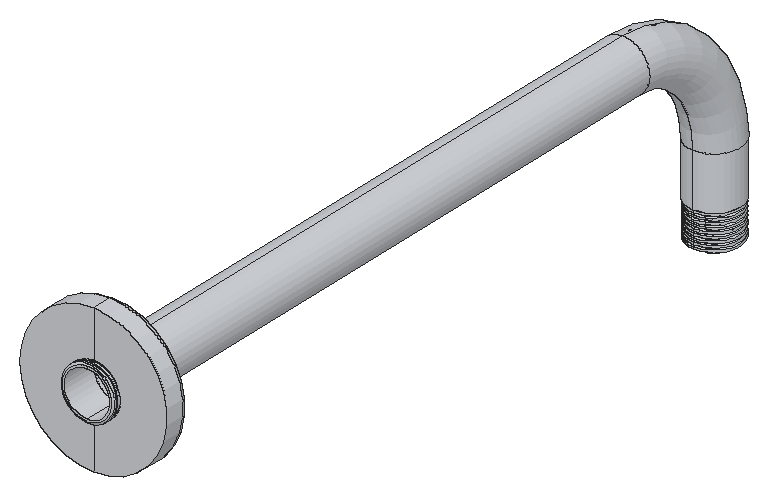
Revit family "S-2571wa", category Plumbing Equipment, host Wall, Revit 2023
Family settings
  Host = Wall
  Round Connector Dimension = Use Diameter
  Classification = None
  Part Type = Normal
  Always vertical = Yes
  Cut with Voids When Loaded = No
  Maintain Annotation Orientation = No
  Shared = No
  Room Calculation Point = No
Parameters
  Material = Stainless Steel, Polished
  Default Elevation = 0' - 0"
Reference planes (in)
  plane 1: y = 0
  plane 2 "Center (Left/Right)": x = 0
  plane 3 "Wall Edge": y = 3
Lines and regions (in)
  symbolic lines, not visible
    curve 1: line (0, 14.78426, -3.125) -> (0, 14.01536, -4.22311)
    curve 2: line (0, 14.78426, -3.125) -> (0, 14.54278, -3.1897)
    curve 3: line (0, 14.78426, -3.125) -> (0, 14.80605, -3.37405)
    curve 4: line (0, 14.01536, -4.22311) -> (0, 13.76536, -4.22311)
    curve 5: line (0, 14.96558, -3.125) -> (0, 15.73448, -4.22311)
    curve 6: line (0, 14.96558, -3.125) -> (0, 15.20706, -3.1897)
    curve 7: line (0, 14.96558, -3.125) -> (0, 14.94379, -3.37405)
    curve 8: line (0, 15.73448, -4.22311) -> (0, 15.98448, -4.22311)
Text (in)
  text "Placement Side" at (-70.3804, 28.46503, 0), in view "Ref. Level"
  text "⌀" at (0, 10.53891, -1.62068), in view "Right"
  text "⌀" at (0, 2.0886, 0.34649), in view "Right"
  text "⌀" at (0, 7.05341, -1.68752), in view "Left"
  text "⌀" at (0, 0.5989, 0.33694), in view "Left"
  text "2X 1/2-14 NPTF" at (0, 11.85471, -4.2071), in view "Right"
  text "2X 1/2-14 NPTF" at (0, 17.92096, -4.2071), in view "Left"
Dimensions and locks (in)
  locked: plane 3 "Wall Edge" to host wall
  nested 1 to nested 1 = 0' - 2 1/4"  (x2)
  nested 1 to plane 3 "Wall Edge" = 0' - 0 3/8"  (x2)
  nested 1 to nested 1 = 0' - 3 1/8"  (x2)
  nested 1 to nested 1 = 0' - 0 13/16"  (x2)
  nested 1 to nested 1 = 0' - 11.99992"  (x2)
Nested families (in)
  nested 1: "S-2571" at (0, 3, 0) x (-1, 0, 0) z (0, 1, 0), type "S-2571"
Definition of nested family "S-2571"
  Parameters (values of type "S-2571")
    Mounting Plate width = 0' - 2 1/2"
    Material = none
    Default Elevation = 4' - 0"
  Reference planes (in)
    plane 1 "Center (Front/Back)": y = 0
    plane 2: z = 0
    plane 3 "Center (Left/Right)": x = 0
    plane 4: x = 1.25
    plane 5: x = -1.25
    plane 6: z = 11.87492
  Forms (in)
    Extrusion 1, solid
      sketch origin (0, 0, 0) x (1, 0, 0) y (0, 1, 0)
        loop
          line (-48, 48) -> (-48, -48) -> (48, -48) -> (48, 48) -> (-48, 48)
      from 0 to -12
    Sweep 2, solid, material <- "Material"
      path origin (0, 0, 11.65616) x (0, 1, 0) y (0, 0, 1)
        loop
          line (0, -11.21866) -> (0, -1.53116)
          arc (0, -1.53116) -> (-0.51256, -0.29372) -> (-1.75, 0.21884) r 1.75
          line (-1.75, 0.21884) -> (-3.125, 0.21884)
      profile origin (0, 0, 5.28125) x (0, -1, 0) y (1, 0, 0)
        loop
          circle (0.00008, -0.00007) r 0.40625
    Sweep 3, void
      path origin (0, 0, 11.65616) x (0, 1, 0) y (0, 0, 1)
        loop
          line (0, -11.78116) -> (0, -11.21866) -> (0, -1.53116)
          arc (0, -1.53116) -> (-0.51256, -0.29372) -> (-1.75, 0.21884) r 1.75
          line (-1.75, 0.21884) -> (-3.125, 0.21884)
      profile origin (0, 0, 5.28125) x (0, -1, 0) y (1, 0, 0)
        loop
          circle (0.00008, -0.00007) r 0.34767
    Revolve 4, solid, material <- "Material"
      sketch origin (0, 0, -0.02244) x (0, 1, 0) y (0, 0, 1)
        loop
          line (-0.4063, 0.02244) -> (-0.4063, 0.39744) -> (-1.05511, 0.39744)
          arc (-1.05511, 0.39744) -> (-1.10453, 0.37697) -> (-1.125, 0.32756) r 0.06989
          line (-1.125, 0.32756) -> (-1.125, 0.02244) -> (-0.4063, 0.02244)
        axis (0, 0.02244) -> (0, 0.39744)
      angle from 0 to 360
    Revolve 5, solid, material <- "Material"
      sketch origin (0, 0, 10.45985) x (0, 1, 0) y (0, 0, 1)
        loop
          line (-0.37927, -10.58485) -> (-0.34845, -10.58485) -> (-0.34845, -10.02235) -> (-0.37927, -10.02235) -> (-0.40633, -10.03798) -> (-0.40633, -10.06923) -> (-0.37927, -10.08485) -> (-0.40633, -10.10048) -> (-0.40633, -10.13173) -> (-0.37927, -10.14735) -> (-0.40633, -10.16298) -> (-0.40633, -10.19423) -> (-0.37927, -10.20985) -> (-0.40633, -10.22548) -> (-0.40633, -10.25673) -> (-0.37927, -10.27235) -> (-0.40633, -10.28798) -> (-0.40633, -10.31923) -> (-0.37927, -10.33485) -> (-0.40633, -10.35048) -> (-0.40633, -10.38173) -> (-0.37927, -10.39735) -> (-0.40633, -10.41298) -> (-0.40633, -10.44423) -> (-0.37927, -10.45985) -> (-0.40633, -10.47548) -> (-0.40633, -10.50673) -> (-0.37927, -10.52235) -> (-0.40633, -10.53798) -> (-0.40633, -10.56923) -> (-0.37927, -10.58485)
        axis (-0.00008, -10.02235) -> (-0.00008, -10.58485)
      angle from 0 to 360
    Sweep 6, void
      path in 3D
        loop
          arc (-0.00007, -3.125, 11.46867) -> (-0.40632, -3.125, 11.87492) -> (-0.00007, -3.125, 12.28117) r 0.40625
          arc (-0.00007, -3.125, 12.28117) -> (0.40618, -3.125, 11.87492) -> (-0.00007, -3.125, 11.46867) r 0.40625
      profile origin (0.40618, -3.125, 11.87492) x (0, -1, 0) y (1, 0, 0)
        loop
          line (0, -0.03878) -> (0, 0.04082) -> (-0.5625, 0.04082) -> (-0.5625, -0.03878) -> (-0.54688, -0.01172) -> (-0.51563, -0.01172) -> (-0.5, -0.03878) -> (-0.48438, -0.01172) -> (-0.45313, -0.01172) -> (-0.4375, -0.03878) -> (-0.42188, -0.01172) -> (-0.39063, -0.01172) -> (-0.375, -0.03878) -> (-0.35938, -0.01172) -> (-0.32813, -0.01172) -> (-0.3125, -0.03878) -> (-0.29688, -0.01172) -> (-0.26563, -0.01172) -> (-0.25, -0.03878) -> (-0.23438, -0.01172) -> (-0.20313, -0.01172) -> (-0.1875, -0.03878) -> (-0.17188, -0.01172) -> (-0.14062, -0.01172) -> (-0.125, -0.03878) -> (-0.10937, -0.01172) -> (-0.07812, -0.01172) -> (-0.0625, -0.03878) -> (-0.04687, -0.01172) -> (-0.01562, -0.01172) -> (0, -0.03878)
  Cuts and joins
    Sweep 3, Sweep 6 cuts Sweep 2
  Lines and regions (in)
    sketch lines
      curve 1: arc (-0.00007, -3.125, 12.28117) -> (0.40618, -3.125, 11.87492) -> (-0.00007, -3.125, 11.46867) r 0.40625
      curve 2: arc (-0.00007, -3.125, 11.46867) -> (-0.40632, -3.125, 11.87492) -> (-0.00007, -3.125, 12.28117) r 0.40625
  Dimensions and locks (in)
    equal spacing: plane 5, plane 3 "Center (Left/Right)", plane 4
    "Mounting Plate width": plane 5 to plane 4
    aligned and locked: plane 2 to Extrusion 1
    aligned and locked: level to Extrusion 1
    aligned and locked: Revolve 5 to Revolve 5
    aligned and locked: Revolve 4 to Extrusion 1
  Automatic sketch dimensions
    Extrusion 1 sketch curve to Extrusion 1 sketch curve = 8' - 0"  (x2)
    plane 1 "Center (Front/Back)" to Revolve 5 sketch curve = 0' - 0.40633"  (x2)
    Revolve 5 sketch curve to Revolve 5 sketch curve = 0' - 0"  (x7)
    Revolve 5 sketch curve to Revolve 5 sketch curve = 0' - 0.02706"  (x10)
    Revolve 5 sketch curve to Revolve 5 sketch curve = 0' - 0.03081"
    Revolve 5 sketch curve to level = 0' - 0 1/8"
    Revolve 5 sketch curve to Revolve 5 sketch curve = 0' - 0 1/64"  (x15)
    Revolve 5 sketch curve to Revolve 5 sketch curve = 0' - 0 1/32"  (x12)
    plane 1 "Center (Front/Back)" to Revolve 5 sketch curve = 0' - 0.00008"
    Revolve 5 sketch curve to Revolve 5 sketch curve = 0' - 0.1048"  (x2)
    Revolve 4 sketch curve to plane 1 "Center (Front/Back)" = 0' - 0"
    plane 1 "Center (Front/Back)" to Revolve 4 sketch curve = 0' - 0.4063"
    Revolve 4 sketch curve to Revolve 4 sketch curve = 0' - 0.06989"
    level to Revolve 4 sketch curve = 0' - 0.30511"
    Revolve 4 sketch curve to Revolve 4 sketch curve = 0' - 0 1/4"
    Revolve 4 sketch curve to Revolve 4 sketch curve = 0' - 0.48984"
    Revolve 4 sketch curve to level = 0' - 0"
    Revolve 4 sketch curve to Revolve 4 sketch curve = 0' - 0.64881"
    profile plane to Sweep 6 sketch curve = 0' - 0"
    Sweep 6 sketch curve to profile plane = 0' - 0 1/64"
    profile plane to Sweep 6 sketch curve = 0' - 0 3/256"  (x9)
    Sweep 6 sketch curve to Sweep 6 sketch curve = 0' - 0 1/32"  (x15)
    Sweep 6 sketch curve to Sweep 6 sketch curve = 0' - 0 1/64"  (x11)
    profile plane to Sweep 6 sketch curve = 0' - 0.03878"  (x7)
    Sweep 6 sketch curve to Sweep 6 sketch curve = 0' - 0.02706"  (x3)
    Sweep 6 sketch curve to profile plane = 0' - 0.04082"
    Sweep 2 sketch curve to plane 1 "Center (Front/Back)" = 0' - 0"
    plane 6 to Sweep 2 sketch curve = 0' - 0.00008"
    plane 1 "Center (Front/Back)" to Sweep 2 sketch curve = 0' - 1 3/4"
    Sweep 2 sketch curve to Sweep 2 sketch curve = 0' - 1 3/8"
    level to Sweep 2 sketch curve = 0' - 0 7/16"
    Sweep 2 sketch curve to profile plane = 0' - 0.00008"
    Sweep 2 sketch curve to plane 3 "Center (Left/Right)" = 0' - 0.00007"
    Sweep 3 sketch curve to plane 1 "Center (Front/Back)" = 0' - 0"
    plane 6 to Sweep 3 sketch curve = 0' - 0.00008"
    plane 1 "Center (Front/Back)" to Sweep 3 sketch curve = 0' - 1 3/4"
    level to Sweep 3 sketch curve = 0' - 0 7/16"
    Sweep 3 sketch curve to Sweep 3 sketch curve = 0' - 1 3/8"
    Sweep 3 sketch curve to level = 0' - 0 1/8"
    Sweep 3 sketch curve to Sweep 3 sketch curve = 0' - 0"  (x2)
    Sweep 3 sketch curve to profile plane = 0' - 0.00008"
    Sweep 3 sketch curve to plane 3 "Center (Left/Right)" = 0' - 0.00007"
    profile plane to Sweep 3 sketch curve = 0' - 0.34759"
    radius of Sweep 2 sketch curve = 0' - 0 13/32"
